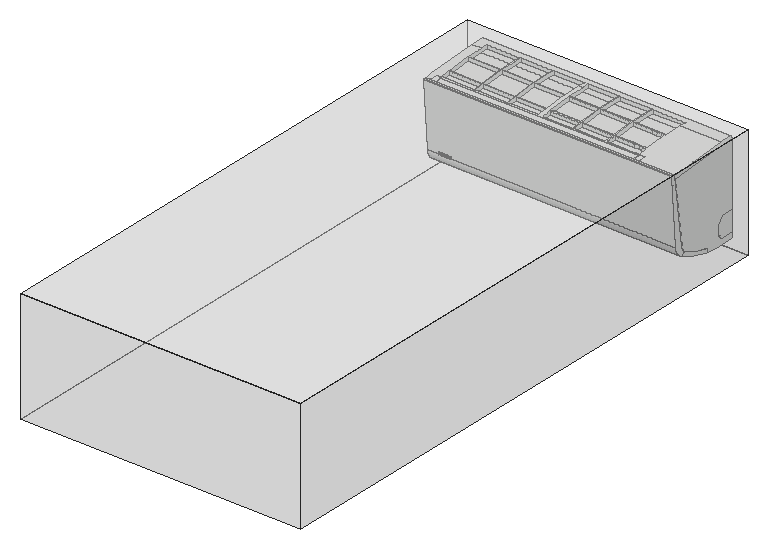
Revit family "outputfile", category 機械設備, Revit 2024
Family settings
  丸型コネクタ寸法 = 半径を使用
  パーツ タイプ = 標準
  OmniClass 番号 = 23.75.10.24.21.27.27
  OmniClass タイトル = Split System Air Conditioning Units
  作業面ベース = いいえ
  常に垂直 = はい
  ロード時にボイドで切り取り = いいえ
  注釈の向きを維持 = いいえ
  共有 = いいえ
  部屋計算ポイント = いいえ
Parameters (values of type "FTKF50AV14")
  Description = ""
  書き出し IFC クラス(タイプ) = "IfcUnitaryEquipmentType"
  定義済み IFC タイプ(タイプ) = "AIRCONDITIONINGUNIT"
  Cost = 0
  Type Comments = ""
  Keynote = ""
  Type Image = (empty or 0)
  Assembly Code = ""
  switch_frequency = yes
  lw_connection [instance] = if(Width = 730.0 mm, 85.0 mm, if(Width = 770.0 mm, 48.0 mm, 60.0 mm))  # 48.0 mm
  製造元 = "Daikin"
  モデル = "FTKF50AV14"
  r_Liquid Pipe Size = Liquid Pipe Size / 2  # 3.2 mm
  r_Gas Pipe Size = Gas Pipe Size / 2  # 6.35 mm
  r_Drain Pipe Size = Drain Pipe Size / 2  # 9.55 mm
  lw_powersupply [instance] = if(Width = 730.0 mm, if(or(Rear Right Connection_refrigerant, Bottom Right Connection_refrigerant), 65.0 mm, if(or(Rear Left Connection_refrigerant, Bottom Left Connection_refrigerant), 695.0 mm, 400.0 mm)), if(Width = 770.0 mm, if(or(Rear Right Connection_refrigerant, Bottom Right Connection_refrigerant), 68.0 mm, if(or(Rear Left Connection_refrigerant, Bottom Left Connection_refrigerant), 705.0 mm, 400.0 mm)), if(or(Rear Right Connection_refrigerant, Bottom Right Connection_refrigerant), 83.0 mm, if(or(Rear Left Connection_refrigerant, Bottom Left Connection_refrigerant), 928.0 mm, 400.0 mm))))  # 400.0 mm
  lw_liquidpipe [instance] = if(Width = 730.0 mm, if(or(Rear Right Connection_refrigerant, Bottom Right Connection_refrigerant), 0.0 mm, if(or(Rear Left Connection_refrigerant, Bottom Left Connection_refrigerant), 582.0 mm, 473.0 mm)), if(Width = 770.0 mm, if(or(Rear Right Connection_refrigerant, Bottom Right Connection_refrigerant), 0.0 mm, if(or(Rear Left Connection_refrigerant, Bottom Left Connection_refrigerant), 682.0 mm, 385.0 mm)), if(or(Rear Right Connection_refrigerant, Bottom Right Connection_refrigerant), 10.0 mm, if(or(Rear Left Connection_refrigerant, Bottom Left Connection_refrigerant), 858.0 mm, 435.0 mm))))  # 385.0 mm
  lw_gaspipe [instance] = if(Width = 730.0 mm, if(or(Rear Right Connection_refrigerant, Bottom Right Connection_refrigerant), 0.0 mm, if(or(Rear Left Connection_refrigerant, Bottom Left Connection_refrigerant), 576.0 mm, 428.0 mm)), if(Width = 770.0 mm, if(or(Rear Right Connection_refrigerant, Bottom Right Connection_refrigerant), 0.0 mm, if(or(Rear Left Connection_refrigerant, Bottom Left Connection_refrigerant), 675.0 mm, 335.0 mm)), if(or(Rear Right Connection_refrigerant, Bottom Right Connection_refrigerant), 0.0 mm, if(or(Rear Left Connection_refrigerant, Bottom Left Connection_refrigerant), 851.0 mm, 400.0 mm))))  # 335.0 mm
  lw_drainpipe [instance] = if(Width = 730.0 mm, if(or(Rear Right Connection_refrigerant, Bottom Right Connection_refrigerant), 0.0 mm, if(or(Rear Left Connection_refrigerant, Bottom Left Connection_refrigerant), 590.0 mm, 488.0 mm)), if(Width = 770.0 mm, if(or(Rear Right Connection_refrigerant, Bottom Right Connection_refrigerant), 0.0 mm, if(or(Rear Left Connection_refrigerant, Bottom Left Connection_refrigerant), 695.0 mm, 440.0 mm)), if(or(Rear Right Connection_refrigerant, Bottom Right Connection_refrigerant), 0.0 mm, if(or(Rear Left Connection_refrigerant, Bottom Left Connection_refrigerant), 888.0 mm, 475.0 mm))))  # 440.0 mm
  l_powersupply_length [instance] = if(Width = 730.0 mm, if(Right Connection_refrigerant, 400.0 mm, if(Left Connection_refrigerant, 330.0 mm, if(or(Bottom Left Connection_refrigerant, Bottom Right Connection_refrigerant), 57.0 mm, if(or(Rear Left Connection_refrigerant, Rear Right Connection_refrigerant), 15.0 mm, 50.0 mm)))), if(Width = 770.0 mm, if(Right Connection_refrigerant, 400.0 mm, if(Left Connection_refrigerant, 370.0 mm, if(or(Bottom Left Connection_refrigerant, Bottom Right Connection_refrigerant), 57.0 mm, if(or(Rear Left Connection_refrigerant, Rear Right Connection_refrigerant), 15.0 mm, 50.0 mm)))), if(Right Connection_refrigerant, 400.0 mm, if(Left Connection_refrigerant, 590.0 mm, if(or(Bottom Left Connection_refrigerant, Bottom Right Connection_refrigerant), 57.0 mm, if(or(Rear Left Connection_refrigerant, Rear Right Connection_refrigerant), 15.0 mm, 50.0 mm))))))  # 400.0 mm
  l_liquidpipe_length [instance] = if(Width = 730.0 mm, if(Right Connection_refrigerant, 558.0 mm, if(Left Connection_refrigerant, 172.0 mm, if(or(Bottom Left Connection_refrigerant, Bottom Right Connection_refrigerant), 48.0 mm, if(or(Rear Left Connection_refrigerant, Rear Right Connection_refrigerant), 30.0 mm, 40.0 mm)))), if(Width = 770.0 mm, if(Right Connection_refrigerant, 433.0 mm, if(Left Connection_refrigerant, 337.0 mm, if(or(Bottom Left Connection_refrigerant, Bottom Right Connection_refrigerant), 48.0 mm, if(or(Rear Left Connection_refrigerant, Rear Right Connection_refrigerant), 30.0 mm, 40.0 mm)))), if(Right Connection_refrigerant, 495.0 mm, if(Left Connection_refrigerant, 495.0 mm, if(or(Bottom Left Connection_refrigerant, Bottom Right Connection_refrigerant), 48.0 mm, if(or(Rear Left Connection_refrigerant, Rear Right Connection_refrigerant), 30.0 mm, 40.0 mm))))))  # 433.0 mm
  l_gaspipe_length [instance] = if(Width = 730.0 mm, if(Right Connection_refrigerant, 513.0 mm, if(Left Connection_refrigerant, 217.0 mm, if(or(Bottom Left Connection_refrigerant, Bottom Right Connection_refrigerant), 57.0 mm, if(or(Rear Left Connection_refrigerant, Rear Right Connection_refrigerant), 40.0 mm, 50.0 mm)))), if(Width = 770.0 mm, if(Right Connection_refrigerant, 383.0 mm, if(Left Connection_refrigerant, 387.0 mm, if(or(Bottom Left Connection_refrigerant, Bottom Right Connection_refrigerant), 57.0 mm, if(or(Rear Left Connection_refrigerant, Rear Right Connection_refrigerant), 40.0 mm, 50.0 mm)))), if(Right Connection_refrigerant, 460.0 mm, if(Left Connection_refrigerant, 530.0 mm, if(or(Bottom Left Connection_refrigerant, Bottom Right Connection_refrigerant), 57.0 mm, if(or(Rear Left Connection_refrigerant, Rear Right Connection_refrigerant), 40.0 mm, 50.0 mm))))))  # 383.0 mm
  l_drainpipe_length [instance] = if(Width = 730.0 mm, if(Right Connection_refrigerant, 573.0 mm, if(Left Connection_refrigerant, 157.0 mm, if(or(Bottom Left Connection_refrigerant, Bottom Right Connection_refrigerant), 35.0 mm, if(or(Rear Left Connection_refrigerant, Rear Right Connection_refrigerant), 15.0 mm, 20.0 mm)))), if(Width = 770.0 mm, if(Right Connection_refrigerant, 488.0 mm, if(Left Connection_refrigerant, 282.0 mm, if(or(Bottom Left Connection_refrigerant, Bottom Right Connection_refrigerant), 35.0 mm, if(or(Rear Left Connection_refrigerant, Rear Right Connection_refrigerant), 15.0 mm, 20.0 mm)))), if(Right Connection_refrigerant, 535.0 mm, if(Left Connection_refrigerant, 455.0 mm, if(or(Bottom Left Connection_refrigerant, Bottom Right Connection_refrigerant), 35.0 mm, if(or(Rear Left Connection_refrigerant, Rear Right Connection_refrigerant), 15.0 mm, 20.0 mm))))))  # 488.0 mm
  h*** = 0.0 mm  # constant formula
  connector_voltage = Voltage_50Hz  # 230 V
  connector_powerinput = [Power Input (Cooling)]  # 1.880 kW
  connector_phase = Phase_50Hz  # 1
  angle_vertical [instance] = if(or(Bottom Left Connection_refrigerant, Bottom Right Connection_refrigerant), 0.00°, 90.00°)  # 90.00°
  angle_horizontal [instance] = if(Right Connection_refrigerant, 90.00°, if(Left Connection_refrigerant, -90.00°, if(or(Rear Left Connection_refrigerant, Rear Right Connection_refrigerant), 180.00°, 0.00°)))  # 90.00°
  Width = 770.0 mm
  Voltage_comment_50Hz = "220 - 240"
  Voltage_50Hz = 230 V
  Version = "ver.1.0"
  Unit Type = "Wall Mounted"
  Unit Mass Weight = 9.50 kg
  Unit Designation [instance] = ""
  Uniclass2015Version = "Products v1.30"
  Uniclass2015Title = "Split coil room air conditioning units"
  Uniclass2015Code = "Pr_70_65_03_86"
  URL = ""
  Total Cooling Capacity [instance] = 0.000 kW
  Sound Pressure Level_M speed (dBA) = 39
  Sound Pressure Level_L speed (dBA) = 32
  Sound Pressure Level_H speed (dBA) = 42
  Sound Power Level_H speed (dB) = 0
  Series = "Single Split_Fan Coil Unit"
  Sensible Cooling Capacity [instance] = 0.000 kW
  Refrigerant Type = "R32"
  Power Input (Cooling) = 1.880 kW
  Phase_50Hz = 1
  Option Accessory 3 [instance] = ""
  Option Accessory 2 [instance] = ""
  Option Accessory 1 [instance] = ""
  Nominal Cooling Capacity = 5.280 kW
  Minimum Circuit Amps_50Hz = 11.5 A
  Minimum Airflow = 493.00 m³/h
  Median Airflow = 646.00 m³/h
  Maximum Fuse Amps_50Hz = 20.0 A
  Maximum Airflow = 731.00 m³/h
  Material_Casing = DAIKIN_White_Casing_indoorunit
  Load Classification = HVAC
  Liquid Pipe Size = 6.4 mm
  Link_Nested Family [instance] = ""
  IfcVersion = ""
  IfcExportType = "AIRCONDITIONINGUNIT"
  IfcExportAs = "IfcUnitaryEquipmentType"
  Height = 288.0 mm
  Heat Exchanger Type = "Cross Fin Coil"
  Gas Pipe Size = 12.7 mm
  Frequency_50Hz = 50 Hz
  Fan Type = "Cross Flow Fan"
  Fan Drive = "Direct Drive"
  FCU Tag No. [instance] = ""
  Drain Pipe Size = 19.1 mm
  Design Supply Airflow [instance] = 0.00 m³/h
  Depth = 234.0 mm
  既定の高さ = 0.0 mm
  Cooling Entering Wet Bulb Temperature [instance] = 0.00 °C
  Cooling Entering Dry Bulb Temperature [instance] = 0.00 °C
  Cooling Ambient Wet Bulb Temperature [instance] = 0.00 °C
  Cooling Ambient Dry Bulb Temperature [instance] = 0.00 °C
  Clearance visibility [instance] = yes
  Clearance Top = 30.0 mm
  Clearance Right = 50.0 mm
  Clearance Rear = 0.0 mm
  Clearance Left = 50.0 mm
  Clearance Front = 1500.0 mm
  Clearance Bottom = 30.0 mm
  Bottom Right Connection_refrigerant [instance] = no
  Bottom Left Connection_refrigerant [instance] = no
  Rear Right Connection_refrigerant [instance] = no
  Rear Left Connection_refrigerant [instance] = no
  Right Connection_refrigerant [instance] = yes
  Left Connection_refrigerant [instance] = no
Reference planes
  plane 1 "Back": y = 0
  plane 2: z = 0
  plane 3 "Center (Left/Right)": x = 0
  plane 4 "Center (Front/Back)": y = -117
  plane 5 "Front": y = -234
  plane 6 "Left": x = -385
  plane 7 "Right": x = 385
  plane 8 "Top": z = 0
  plane 9 "Bottom": z = -288
  plane 10 "Front panel_Left": x = -383
  plane 11 "Front panel_Right": x = 383
  plane 12: x = 249
  plane 13: x = 244
  plane 14: x = -435
  plane 15: x = 435
  plane 16: y = 0
  plane 17: y = -213
  plane 18: z = 30
  plane 19: z = -318
  plane 20 "lw_Piping and Wiring intake": x = 337
  plane 21 "lw_gaspipe": x = 2
  plane 22 "lw_liquidpipe": x = -48
  plane 23 "lw_drainpipe": x = -103
  plane 24 "lh_drainpipe": z = -253
  plane 25 "lh_liquidpipe": z = -240
  plane 26 "lh_gaspipe": z = -231
  plane 27 "ld_drainpipe": y = -15
  plane 28 "ld_liquidpipe": y = -30
  plane 29 "ld_gaspipe": y = -40
  plane 30 "lw_powersupply": x = -15
  plane 31: y = -1734
Dimensions and locks
  equal spacing: plane 6 "Left", plane 3 "Center (Left/Right)", plane 7 "Right"
  "Width": plane 6 "Left" to plane 7 "Right"
  equal spacing: plane 5 "Front", plane 4 "Center (Front/Back)", plane 1 "Back"
  "Depth": plane 5 "Front" to plane 1 "Back"
  "Height": plane 8 "Top" to plane 9 "Bottom"
  locked: plane 10 "Front panel_Left" to plane 6 "Left" at 2
  locked: plane 7 "Right" to plane 11 "Front panel_Right" at 2
  locked: plane 7 "Right" to plane 12 at 136
  locked: plane 12 to plane 13 at 5
  "Clearance Rear": plane 16 to plane 1 "Back"
  "Clearance Top": plane 18 to plane 8 "Top"
  "Clearance Bottom": plane 9 "Bottom" to plane 19
  "lw_connection": plane 20 "lw_Piping and Wiring intake" to plane 7 "Right"
  "lw_gaspipe": plane 21 "lw_gaspipe" to plane 20 "lw_Piping and Wiring intake"
  "lw_liquidpipe": plane 22 "lw_liquidpipe" to plane 20 "lw_Piping and Wiring intake"
  "lw_drainpipe": plane 23 "lw_drainpipe" to plane 20 "lw_Piping and Wiring intake"
  locked: plane 24 "lh_drainpipe" to plane 9 "Bottom" at 35
  locked: plane 25 "lh_liquidpipe" to plane 9 "Bottom" at 48
  locked: plane 26 "lh_gaspipe" to plane 9 "Bottom" at 57
  locked: plane 27 "ld_drainpipe" to plane 1 "Back" at 15
  locked: plane 1 "Back" to plane 28 "ld_liquidpipe" at 30
  locked: plane 1 "Back" to plane 29 "ld_gaspipe" at 40
  "lw_powersupply": plane 30 "lw_powersupply" to plane 7 "Right"
  "Clearance Left": plane 14 to plane 6 "Left"
  "Clearance Right": plane 7 "Right" to plane 15
  "Clearance Front": plane 5 "Front" to plane 31
  aligned and locked: level to plane 2
  aligned and locked: plane 16 to nested 1
  aligned and locked: nested 1 to plane 14
  aligned and locked: nested 1 to plane 15
  aligned and locked: plane 19 to nested 1
  aligned and locked: plane 18 to nested 1
  aligned and locked: plane 21 "lw_gaspipe" to nested 2
  aligned and locked: nested 2 to plane 29 "ld_gaspipe"
  aligned and locked: plane 22 "lw_liquidpipe" to nested 3
  aligned and locked: nested 3 to plane 28 "ld_liquidpipe"
  aligned and locked: plane 23 "lw_drainpipe" to nested 4
  aligned and locked: nested 4 to plane 27 "ld_drainpipe"
  aligned and locked: nested 5 to plane 27 "ld_drainpipe"
  aligned and locked: plane 30 "lw_powersupply" to nested 5
  aligned and locked: level to plane 8 "Top"
  aligned and locked: nested 1 to plane 31
Nested families
  nested 1: "daikin_clearancespace" at (0, -867, -143.881), show <- "Clearance visibility", visible <- "Clearance visibility", Link_Nested Family <- "Link_Nested Family", type "daikin_clearancespace"
    with width 870.0 mm, show yes, height 348.0 mm, depth 1734.0 mm, Link_Nested Family ""
  nested 2: "daikin_connector_rotate3" at (2, -40, -231), angle_vertical <- "angle_vertical", angle_horizontal <- "angle_horizontal", length <- "l_gaspipe_length", radius <- "r_Gas Pipe Size", type "daikin_connector_rotate3"
    with show no, radius 6.35 mm, length 383.0 mm, angle_vertical 90.00°, angle_horizontal 90.00°
  nested 3: "daikin_connector_rotate3" at (-48, -30, -240), angle_vertical <- "angle_vertical", angle_horizontal <- "angle_horizontal", radius <- "r_Liquid Pipe Size", length <- "l_liquidpipe_length", type "daikin_connector_rotate3"
    with show no, radius 3.2 mm, length 433.0 mm, angle_vertical 90.00°, angle_horizontal 90.00°
  nested 4: "daikin_connector_rotate3" at (-103, -15, -253), angle_vertical <- "angle_vertical", angle_horizontal <- "angle_horizontal", length <- "l_drainpipe_length", radius <- "r_Drain Pipe Size", type "daikin_connector_rotate3"
    with show no, radius 9.55 mm, length 488.0 mm, angle_vertical 90.00°, angle_horizontal 90.00°
  nested 5: "daikin_connector_rotate3" at (-15, -15, -231), angle_vertical <- "angle_vertical", angle_horizontal <- "angle_horizontal", length <- "l_powersupply_length", type "daikin_connector_rotate3"
    with show no, radius 10.0 mm, length 400.0 mm, angle_vertical 90.00°, angle_horizontal 90.00°
  nested 6: "DAIKIN_indoorunit_FTKF-AV14" at (-31, 0, 0), type "FTKF-AV14"
    with switch_unit1_35-50 yes, switch_unit1_25 no, Width 770.0 mm, WALL HOLE-R 48.0 mm, Height 288.0 mm
Connectors
  piping at (385, -40, -231), diameter 12.7, driven by "r_Gas Pipe Size"
    settings: on nested 2, index 1, connector inside diameter 609.6 mm, connector length 0.0 mm, flow factor 0, pipe flow 0.00 m³/h, pressure drop 0.0 Pa, fitting loss kfactor 0, connector angle 0.00°, fixture units 0, engagement length 0.0 mm, angle of deflection 0.00°, flow configuration 1, flow direction 2, fitting loss method 0, system type 29, joint type 0, gender type 0, connector reference index -1, connector utility 0, adjustable connector no, is connector primary yes, connector description "Refrigerant Gas Piping"
  piping at (385, -30, -240), diameter 6.4, driven by "r_Liquid Pipe Size"
    settings: on nested 3, index 2, connector inside diameter 609.6 mm, connector length 0.0 mm, flow factor 0, pipe flow 0.00 m³/h, pressure drop 0.0 Pa, fitting loss kfactor 0, connector angle 0.00°, fixture units 0, engagement length 0.0 mm, angle of deflection 0.00°, flow configuration 1, flow direction 1, fitting loss method 0, system type 29, joint type 0, gender type 0, connector reference index -1, connector utility 0, adjustable connector no, is connector primary no, connector description "Refrigerant Liquid Piping"
  piping at (385, -15, -253), diameter 19.1, driven by "r_Drain Pipe Size"
    settings: on nested 4, index 3, connector inside diameter 609.6 mm, connector length 0.0 mm, flow factor 0, pipe flow 0.00 m³/h, pressure drop 0.0 Pa, fitting loss kfactor 0, connector angle 0.00°, fixture units 0, engagement length 0.0 mm, angle of deflection 0.00°, flow configuration 1, flow direction 2, fitting loss method 4, system type 16, joint type 0, gender type 0, connector reference index -1, connector utility 0, adjustable connector no, is connector primary no, connector description "Condensate Drain Piping"
  electrical at (385, -15, -231), driven by "Load Classification", driven by "connector_powerinput", driven by "connector_phase", driven by "connector_voltage"
    settings: on nested 5, index 4, voltage 230 V, apparent load 1880 VA, apparent load phase1 0 VA, apparent load phase2 0 VA, apparent load phase3 0 VA, power factor 1, load classification "HVAC", number of poles 1, system type 30, power factor state 1, is connector primary yes, connector utility no, sub classification motor no, connector description "Power Supply"
Definition of nested family "daikin_clearancespace"
  Parameters (values of type "daikin_clearancespace")
    Description = "daikin_clearancespace"
    width [instance] = 1823.963 mm
    show [instance] = yes
    material = none
    height [instance] = 1359.762 mm
    depth [instance] = 880.0 mm
    Default Elevation = 0.0 mm
    Link_Nested Family [instance] = ""
  Reference planes
    plane 1 "Center (Front/Back)": y = 0
    plane 2 "Center (Elevation)": z = -0.119
    plane 3 "Center (Left/Right)": x = 0
    plane 4: y = 440
    plane 5: y = -440
    plane 6 "Right": x = 911.982
    plane 7 "Left": x = -911.982
    plane 8 "Top": z = 679.762
    plane 9 "Bottom": z = -680
  Forms (mm)
    Extrusion 1, solid, material <- "material", visible <- "show"
      sketch origin (0, 0, 0) x (1, 0, 0) y (0, 1, 0)
        loop
          line (-911.982, 440) -> (-911.982, -440) -> (911.982, -440) -> (911.982, 440) -> (-911.982, 440)
      from -680 to 679.762
  Lines and regions (mm)
    symbolic lines, visible <- "show"
      curve 1: line (911.982, 440, 0) -> (-911.982, 440, 0)
      curve 2: line (-911.982, 440, 0) -> (-911.982, -440, 0)
      curve 3: line (-911.982, -440, 0) -> (911.982, -440, 0)
      curve 4: line (911.982, -440, 0) -> (911.982, 440, 0)
      curve 5: line (911.982, 0, 679.762) -> (-911.982, 0, 679.762)
      curve 6: line (911.982, 0, -680) -> (911.982, 0, 679.762)
      curve 7: line (-911.982, 0, -680) -> (911.982, 0, -680)
      curve 8: line (-911.982, 0, 679.762) -> (-911.982, 0, -680)
      curve 9: line (0, 440, 679.762) -> (0, -440, 679.762)
      curve 10: line (0, -440, 679.762) -> (0, -440, -680)
      curve 11: line (0, 440, -680) -> (0, 440, 679.762)
      curve 12: line (0, -440, -680) -> (0, 440, -680)
  Dimensions and locks
    "width": plane 7 "Left" to plane 6 "Right"
    "depth": plane 4 to plane 5
    "height": plane 8 "Top" to plane 9 "Bottom"
    equal spacing: plane 7 "Left", plane 3 "Center (Left/Right)", plane 6 "Right"
    equal spacing: plane 4, plane 1 "Center (Front/Back)", plane 5
    equal spacing: plane 8 "Top", plane 2 "Center (Elevation)", plane 9 "Bottom"
    aligned and locked: level to plane 2 "Center (Elevation)"
    aligned and locked: Extrusion 1 sketch curve to plane 4
    aligned and locked: plane 7 "Left" to Extrusion 1 sketch curve
    aligned and locked: Extrusion 1 sketch curve to plane 5
    aligned and locked: Extrusion 1 sketch curve to plane 6 "Right"
    aligned and locked: plane 8 "Top" to Extrusion 1
    aligned and locked: curve 1 to Extrusion 1
    aligned and locked: curve 2 to Extrusion 1
    aligned and locked: curve 3 to Extrusion 1
    aligned and locked: curve 4 to Extrusion 1
    aligned and locked: curve 5 to Extrusion 1
    aligned and locked: curve 6 to Extrusion 1
    aligned and locked: curve 7 to Extrusion 1
    aligned and locked: curve 8 to Extrusion 1
    aligned and locked: curve 9 to Extrusion 1
    aligned and locked: curve 10 to Extrusion 1
    aligned and locked: curve 11 to Extrusion 1
    aligned and locked: curve 12 to Extrusion 1
    aligned and locked: Extrusion 1 to plane 9 "Bottom"
Definition of nested family "DAIKIN_indoorunit_FTKF-AV14"
  Parameters (values of type "FTKF-AV14")
    switch_unit1_60 = Width = 990.0 mm  # no
    switch_unit1_35-50 = Width = 770.0 mm  # no
    switch_unit1_25 = Width = 730.0 mm  # yes
    Width = 730.0 mm
    WALL HOLE-R = if(Width = 730.0 mm, 79.0 mm, 48.0 mm)  # 79.0 mm
    Material_Casing = none
    Height = if(Width = 730.0 mm, 280.0 mm, if(Width = 770.0 mm, 288.0 mm, 297.0 mm))  # 280.0 mm
    Default Elevation = 0.0 mm
  Reference planes
    plane 1 "Center (Front/Back)": y = 0
    plane 2 "reference_level": z = 0
    plane 3 "Center (Left/Right)": x = 31
    plane 4: x = -334
    plane 5: x = 396
    plane 6: z = -280
  Forms (mm)
    Extrusion 1, solid, material <- "Material_Casing", visible <- "switch_unit1_25"
      sketch origin (31, 0, 0) x (0, 1, 0) y (0, 0, 1)
        loop
          line (-109.519, -8) -> (-2.596, -8) -> (-8.198, 0) -> (-109.608, 0)
          arc (-109.608, 0) -> (-157.226, -5.2) -> (-202.599, -20.555) r 220.623
          line (-202.599, -20.555) -> (-202.447, -29.25)
          arc (-202.447, -29.25) -> (-157.182, -13.38) -> (-109.519, -8) r 213.82
      from -365 to 365
    Extrusion 2, solid, material <- "Material_Casing", visible <- "switch_unit1_25"
      sketch origin (416, 1304.033, 1200.206) x (0, 1, 0) y (0, 0, 1)
        loop
          arc (-1496.513, -1423.164) -> (-1487.225, -1434.204) -> (-1476.373, -1443.711) r 95
          arc (-1476.373, -1443.711) -> (-1448.371, -1461.92) -> (-1418.191, -1476.232) r 250
          line (-1418.191, -1476.232) -> (-1418.191, -1465.318)
          arc (-1418.191, -1465.318) -> (-1445.052, -1452.134) -> (-1470.063, -1435.711) r 240
          arc (-1470.063, -1435.711) -> (-1477.766, -1429.186) -> (-1484.641, -1421.794) r 85
          line (-1484.641, -1421.794) -> (-1496.513, -1423.164)
      from -20 to -177
    Extrusion 3, solid, material <- "Material_Casing", visible <- "switch_unit1_25"
      sketch origin (31, 0, 0) x (0, 1, 0) y (0, 0, 1)
        loop
          line (-202.769, -10.816) -> (-211.618, -13.692)
          arc (-211.618, -13.692) -> (-212.628, -14.432) -> (-213, -15.629) r 2
          line (-213, -15.629) -> (-210.348, -167.5)
          arc (-210.348, -167.5) -> (-206.029, -195.818) -> (-193.465, -221.562) r 95
          line (-193.465, -221.562) -> (-181.653, -220.199)
          arc (-181.653, -220.199) -> (-195.31, -195.356) -> (-200.037, -167.403) r 85
          line (-200.037, -167.403) -> (-202.769, -10.816)
      from -365 to 365
    Extrusion 4, solid, material <- "Material_Casing", visible <- "switch_unit1_25"
      sketch origin (31, 0, 0) x (0, 1, 0) y (0, 0, 1)
        loop
          line (0, -280) -> (0, -11.707) -> (-2.596, -8) -> (-109.519, -8)
          arc (-109.519, -8) -> (-156.378, -13.198) -> (-200.959, -28.539) r 213.82
          line (-200.959, -28.539) -> (-198.537, -167.295)
          arc (-198.537, -167.295) -> (-189.766, -204.754) -> (-165.131, -234.305) r 83.5
          arc (-165.131, -234.305) -> (-139.841, -250.873) -> (-112.659, -264.109) r 238.5
          line (-112.659, -264.109) -> (-112.659, -276.338)
          arc (-112.659, -276.338) -> (-100.834, -279.079) -> (-88.731, -280) r 80
          line (-88.731, -280) -> (0, -280)
      from -365 to 365
    Extrusion 5, solid, material <- "Material_Casing", visible <- "switch_unit1_25"
      sketch origin (-354, 1304.033, 1200.206) x (0, 1, 0) y (0, 0, 1)
        loop
          arc (-1496.513, -1423.164) -> (-1487.225, -1434.204) -> (-1476.373, -1443.711) r 95
          arc (-1476.373, -1443.711) -> (-1448.371, -1461.92) -> (-1418.191, -1476.232) r 250
          line (-1418.191, -1476.232) -> (-1418.191, -1465.318)
          arc (-1418.191, -1465.318) -> (-1445.052, -1452.134) -> (-1470.063, -1435.711) r 240
          arc (-1470.063, -1435.711) -> (-1477.766, -1429.186) -> (-1484.641, -1421.794) r 85
          line (-1484.641, -1421.794) -> (-1496.513, -1423.164)
      from 72 to 20
    Extrusion 6, solid, material <- "Material_Casing", visible <- "switch_unit1_25"
      sketch origin (31, 7.782, 0.206) x (0, 1, 0) y (0, 0, 1)
        loop
          line (-188.39, -221.794) -> (-200.262, -223.164)
          arc (-200.262, -223.164) -> (-190.975, -234.204) -> (-180.122, -243.711) r 95
          arc (-180.122, -243.711) -> (-152.12, -261.92) -> (-121.941, -276.232) r 250
          line (-121.941, -276.232) -> (-121.941, -265.318)
          arc (-121.941, -265.318) -> (-148.801, -252.134) -> (-173.813, -235.711) r 240
          arc (-173.813, -235.711) -> (-181.515, -229.186) -> (-188.39, -221.794) r 85
      from 204 to -309
    Extrusion 7, void
      sketch origin (31, 0, -235) x (1, 0, 0) y (0, 1, 0)
        loop
          line (-324.633, -72.419) -> (-304, -73.5) -> (-234.9, -73.5) -> (-234.9, -24.5) -> (-324.633, -24.5) -> (-324.633, -72.419)
        loop
          line (-304, -74.9) -> (-324.633, -75.939) -> (-324.633, -139.819) -> (-304, -140.9) -> (-234.9, -140.9) -> (-234.9, -74.9) -> (-304, -74.9)
        loop
          line (-304, -142.3) -> (-324.633, -143.326) -> (-324.633, -182.209) -> (-300, -183.5) -> (-234.9, -183.5) -> (-234.9, -142.3) -> (-304, -142.3)
        loop
          line (-233.5, -142.3) -> (-233.5, -183.5) -> (-146.9, -183.5) -> (-146.9, -142.3) -> (-233.5, -142.3)
        loop
          line (-233.5, -140.9) -> (-146.9, -140.9) -> (-146.9, -74.9) -> (-233.5, -74.9) -> (-233.5, -140.9)
        loop
          line (-233.5, -73.5) -> (-146.9, -73.5) -> (-146.9, -24.5) -> (-233.5, -24.5) -> (-233.5, -73.5)
        loop
          line (-145.5, -73.5) -> (-74.9, -73.5) -> (-54.9, -72.452) -> (-54.9, -24.5) -> (-145.5, -24.5) -> (-145.5, -73.5)
        loop
          line (-145.5, -74.9) -> (-145.5, -140.9) -> (-74.9, -140.9) -> (-54.9, -139.852) -> (-54.9, -75.948) -> (-74.9, -74.9) -> (-145.5, -74.9)
        loop
          line (-145.5, -142.3) -> (-145.5, -183.5) -> (-74.9, -183.5) -> (-54.9, -182.452) -> (-54.9, -143.348) -> (-74.9, -142.3) -> (-145.5, -142.3)
        loop
          line (-53.5, -24.5) -> (-53.5, -72.452) -> (-33.5, -73.5) -> (36.5, -73.5) -> (36.5, -24.5) -> (-53.5, -24.5)
        loop
          line (-53.5, -75.948) -> (-53.5, -139.852) -> (-33.5, -140.9) -> (36.5, -140.9) -> (36.5, -74.9) -> (-33.5, -74.9) -> (-53.5, -75.948)
        loop
          line (-33.5, -142.3) -> (-53.5, -143.348) -> (-53.5, -182.452) -> (-33.5, -183.5) -> (36.5, -183.5) -> (36.5, -142.3) -> (-33.5, -142.3)
        loop
          line (37.9, -24.5) -> (37.9, -73.5) -> (124.9, -73.5) -> (124.9, -24.5) -> (37.9, -24.5)
        loop
          line (37.9, -74.9) -> (37.9, -140.9) -> (124.9, -140.9) -> (124.9, -74.9) -> (37.9, -74.9)
        loop
          line (37.9, -142.3) -> (37.9, -183.5) -> (124.9, -183.5) -> (124.9, -142.3) -> (37.9, -142.3)
        loop
          line (126.3, -24.5) -> (126.3, -73.5) -> (195.6, -73.5) -> (216, -72.431) -> (216, -24.5) -> (126.3, -24.5)
        loop
          line (126.3, -74.9) -> (126.3, -140.9) -> (198.5, -140.9) -> (216, -139.983) -> (216, -75.817) -> (198.5, -74.9) -> (126.3, -74.9)
        loop
          line (126.3, -142.3) -> (126.3, -183.5) -> (198.337, -183.5) -> (216, -182.623) -> (216, -143.217) -> (198.5, -142.3) -> (126.3, -142.3)
      from 201.638 to 250
    Extrusion 8, solid, material <- "Material_Casing"
      sketch origin (31, 0, 0) x (1, 0, 0) y (0, 0, 1)
        loop
          circle (286, -235) r 40
        loop
          circle (-317, -235) r 40
      from 0 to 5
    Extrusion 9, solid, material <- "Material_Casing", visible <- "switch_unit1_25"
      sketch origin (396, 1296.25, 1200) x (0, -1, 0) y (0, 0, 1)
        loop
          line (1326.25, -1413) -> (1296.25, -1413) -> (1296.25, -1473) -> (1326.25, -1473)
          arc (1326.25, -1473) -> (1340.393, -1467.142) -> (1346.25, -1453) r 20
          line (1346.25, -1453) -> (1346.25, -1433)
          arc (1346.25, -1433) -> (1340.393, -1418.858) -> (1326.25, -1413) r 20
      from 0 to 5
    Extrusion 10, solid, material <- "Material_Casing", visible <- "switch_unit1_25"
      sketch origin (-334, 1296.25, 1200) x (0, 1, 0) y (0, 0, 1)
        loop
          line (-1296.25, -1413) -> (-1326.25, -1413)
          arc (-1326.25, -1413) -> (-1340.393, -1418.858) -> (-1346.25, -1433) r 20
          line (-1346.25, -1433) -> (-1346.25, -1453)
          arc (-1346.25, -1453) -> (-1340.393, -1467.142) -> (-1326.25, -1473) r 20
          line (-1326.25, -1473) -> (-1296.25, -1473) -> (-1296.25, -1413)
      from 0 to 5
    Extrusion 11, solid, material <- "Material_Casing", visible <- "switch_unit1_25"
      sketch origin (11, 0, -285) x (-1, 0, 0) y (0, -1, 0)
        loop
          line (-279, 0) -> (-279, 30)
          arc (-279, 30) -> (-284.419, 43.081) -> (-297.5, 48.5) r 18.5
          line (-297.5, 48.5) -> (-320.5, 48.5)
          arc (-320.5, 48.5) -> (-333.581, 43.081) -> (-339, 30) r 18.5
          line (-339, 30) -> (-339, 0) -> (-279, 0)
        loop
          line (326, 0) -> (326, 30)
          arc (326, 30) -> (320.581, 43.081) -> (307.5, 48.5) r 18.5
          line (307.5, 48.5) -> (284.5, 48.5)
          arc (284.5, 48.5) -> (271.419, 43.081) -> (266, 30) r 18.5
          line (266, 30) -> (266, 0) -> (326, 0)
      from 10 to 5
    Extrusion 12, solid, material <- "Material_Casing", visible <- "switch_unit1_35-50"
      sketch origin (31, 0, 0) x (0, 1, 0) y (0, 0, 1)
        loop
          line (-5, 0) -> (-45.84, 0)
          arc (-45.84, 0) -> (-135.906, -3.965) -> (-225.275, -15.831) r 1024.823
          arc (-225.275, -15.831) -> (-224.639, -21.302) -> (-223.878, -26.758) r 241.564
          arc (-223.878, -26.758) -> (-135.207, -14.947) -> (-45.84, -11) r 1013.66
          line (-45.84, -11) -> (0, -11) -> (0, -9.02) -> (-5, 0)
      from -385 to 385
    Extrusion 13, solid, material <- "Material_Casing", visible <- "switch_unit1_35-50"
      sketch origin (31, 0, 0) x (0, 1, 0) y (0, 0, 1)
        loop
          arc (-226.673, -12.416) -> (-229.519, -12.929) -> (-232.363, -13.449) r 1025.776
          arc (-232.363, -13.449) -> (-233.586, -14.198) -> (-233.994, -15.573) r 2
          line (-233.994, -15.573) -> (-218.08, -217.408)
          arc (-218.08, -217.408) -> (-211.296, -237.286) -> (-195.807, -251.472) r 42.415
          line (-195.807, -251.472) -> (-186.556, -243.946)
          arc (-186.556, -243.946) -> (-193.981, -235.221) -> (-197.648, -224.366) r 30.386
          line (-197.648, -224.366) -> (-226.673, -12.416)
      from -385 to 385
    Extrusion 14, void
      sketch origin (33, 0, 0) x (1, 0, 0) y (0, 1, 0)
        loop
          line (-357.499, -23.5) -> (-357.499, -96.7) -> (-255.999, -96.7) -> (-255.999, -23.5) -> (-357.499, -23.5)
        loop
          line (-255.999, -99.1) -> (-357.499, -99.1) -> (-357.499, -170.1) -> (-255.999, -170.1) -> (-255.999, -99.1)
        loop
          line (-255.999, -171.7) -> (-357.499, -171.7) -> (-357.499, -201.7) -> (-255.999, -201.7) -> (-255.999, -171.7)
        loop
          line (-253.399, -23.5) -> (-253.399, -96.7) -> (-153.899, -96.7) -> (-153.899, -23.5) -> (-253.399, -23.5)
        loop
          line (-253.399, -99.1) -> (-253.399, -170.1) -> (-153.899, -170.1) -> (-153.899, -99.1) -> (-253.399, -99.1)
        loop
          line (-153.899, -171.7) -> (-253.399, -171.7) -> (-253.399, -201.7) -> (-153.899, -201.7) -> (-153.899, -171.7)
        loop
          line (-56.549, -23.5) -> (-151.299, -23.5) -> (-151.299, -96.7) -> (-56.549, -96.7) -> (-56.549, -23.5)
        loop
          line (-151.299, -99.1) -> (-151.299, -170.1) -> (-56.549, -170.1) -> (-56.549, -99.1) -> (-151.299, -99.1)
        loop
          line (-56.549, -171.7) -> (-151.299, -171.7) -> (-151.299, -201.7) -> (-56.549, -201.7) -> (-56.549, -171.7)
        loop
          line (50.301, -23.5) -> (-44.549, -23.5) -> (-44.549, -96.7) -> (50.301, -96.7) -> (50.301, -23.5)
        loop
          line (-44.549, -99.1) -> (-44.549, -170.1) -> (50.301, -170.1) -> (50.301, -99.1) -> (-44.549, -99.1)
        loop
          line (50.301, -171.7) -> (-44.549, -171.7) -> (-44.549, -201.7) -> (50.301, -201.7) -> (50.301, -171.7)
        loop
          line (52.901, -23.5) -> (52.901, -96.7) -> (152.401, -96.7) -> (152.401, -23.5) -> (52.901, -23.5)
        loop
          line (52.901, -99.1) -> (52.901, -170.1) -> (152.401, -170.1) -> (152.401, -99.1) -> (52.901, -99.1)
        loop
          line (52.901, -171.7) -> (52.901, -201.7) -> (152.401, -201.7) -> (152.401, -171.7) -> (52.901, -171.7)
        loop
          line (155.001, -23.5) -> (155.001, -96.7) -> (256.501, -96.7) -> (256.501, -23.5) -> (155.001, -23.5)
        loop
          line (155.001, -99.1) -> (155.001, -170.1) -> (217.501, -170.1) -> (229.501, -170.1) -> (241.501, -170.1) -> (256.501, -170.1) -> (256.501, -152.1) -> (256.501, -134.1) -> (256.501, -116.1) -> (256.501, -99.1) -> (241.501, -99.1) -> (229.501, -99.1) -> (217.501, -99.1) -> (155.001, -99.1)
        loop
          line (155.001, -171.7) -> (155.001, -201.7) -> (217.501, -201.7) -> (229.501, -201.7) -> (241.501, -201.7) -> (256.501, -201.7) -> (256.501, -171.7) -> (241.501, -171.7) -> (229.501, -171.7) -> (217.501, -171.7) -> (155.001, -171.7)
      from -40.013 to 47.268
    Extrusion 15, solid, material <- "Material_Casing", visible <- "switch_unit1_35-50"
      sketch origin (-356, 1308.25, 1200) x (0, 1, 0) y (0, 0, -1)
        loop
          line (-1407.524, 1473.254) -> (-1407.524, 1484.154)
          arc (-1407.524, 1484.154) -> (-1456.679, 1472.122) -> (-1503.106, 1451.987) r 299.52
          line (-1503.106, 1451.987) -> (-1494.032, 1444.604)
          arc (-1494.032, 1444.604) -> (-1451.915, 1462.363) -> (-1407.524, 1473.254) r 288.723
      from -2 to -49.5
    Extrusion 16, solid, material <- "Material_Casing", visible <- "switch_unit1_35-50"
      sketch origin (418, 1308.25, 1200) x (0, 1, 0) y (0, 0, 1)
        loop
          arc (-1407.524, -1473.254) -> (-1451.915, -1462.363) -> (-1494.032, -1444.604) r 288.723
          line (-1494.032, -1444.604) -> (-1503.106, -1451.987)
          arc (-1503.106, -1451.987) -> (-1456.679, -1472.122) -> (-1407.524, -1484.154) r 299.52
          line (-1407.524, -1484.154) -> (-1407.524, -1473.254)
      from -2 to -119.5
    Extrusion 17, solid, material <- "Material_Casing", visible <- "switch_unit1_35-50"
      sketch origin (418, 1308.25, 1200) x (0, 1, 0) y (0, 0, 1)
        loop
          line (-1407.524, -1484.154) -> (-1407.524, -1473.254)
          arc (-1407.524, -1473.254) -> (-1451.915, -1462.363) -> (-1494.032, -1444.604) r 288.723
          line (-1494.032, -1444.604) -> (-1503.106, -1451.987)
          arc (-1503.106, -1451.987) -> (-1456.679, -1472.122) -> (-1407.524, -1484.154) r 299.52
      from -119.5 to -724.5
    Extrusion 18, solid, material <- "Material_Casing", visible <- "switch_unit1_35-50"
      sketch origin (31, 0, -30) x (0, 1, 0) y (0, 0, 1)
        loop
          arc (-45.84, 19) -> (-135.218, 15.052) -> (-223.901, 3.238) r 1013.66
          line (-223.901, 3.238) -> (-196.855, -194.257)
          arc (-196.855, -194.257) -> (-192.985, -205.344) -> (-185.107, -214.052) r 29.589
          arc (-185.107, -214.052) -> (-142.926, -231.76) -> (-98.473, -242.568) r 288.081
          line (-98.473, -242.568) -> (-98.525, -254.271)
          arc (-98.525, -254.271) -> (-75.337, -257.066) -> (-52, -258) r 292.099
          line (-52, -258) -> (0, -258) -> (0, 19) -> (-45.84, 19)
      from -385 to 385
    Extrusion 19, solid, material <- "Material_Casing", visible <- "switch_unit1_35-50"
      sketch origin (416, 1296.25, 1200) x (0, -1, 0) y (0, 0, 1)
        loop
          line (1329.05, -1409.6) -> (1296.25, -1409.6) -> (1296.25, -1469.6) -> (1329.05, -1469.6)
          arc (1329.05, -1469.6) -> (1342.627, -1463.976) -> (1348.25, -1450.4) r 19.2
          line (1348.25, -1450.4) -> (1348.25, -1428.8)
          arc (1348.25, -1428.8) -> (1342.627, -1415.224) -> (1329.05, -1409.6) r 19.2
      from 0 to 5
    Extrusion 20, solid, material <- "Material_Casing", visible <- "switch_unit1_35-50"
      sketch origin (-349, 1296.25, 1200) x (0, -1, 0) y (0, 0, 1)
        loop
          line (1329.05, -1409.6) -> (1296.25, -1409.6) -> (1296.25, -1469.6) -> (1329.05, -1469.6)
          arc (1329.05, -1469.6) -> (1342.627, -1463.976) -> (1348.25, -1450.4) r 19.2
          line (1348.25, -1450.4) -> (1348.25, -1428.8)
          arc (1348.25, -1428.8) -> (1342.627, -1415.224) -> (1329.05, -1409.6) r 19.2
      from 0 to 5
    Extrusion 21, solid, material <- "Material_Casing", visible <- "switch_unit1_35-50"
      sketch origin (31, 200, -288) x (-1, 0, 0) y (0, -1, 0)
        loop
          line (369, 200) -> (369, 232)
          arc (369, 232) -> (363.142, 246.142) -> (349, 252) r 20
          line (349, 252) -> (329, 252)
          arc (329, 252) -> (314.858, 246.142) -> (309, 232) r 20
          line (309, 232) -> (309, 200) -> (369, 200)
        loop
          line (-369, 200) -> (-309, 200) -> (-309, 232)
          arc (-309, 232) -> (-314.858, 246.142) -> (-329, 252) r 20
          line (-329, 252) -> (-349, 252)
          arc (-349, 252) -> (-363.142, 246.142) -> (-369, 232) r 20
          line (-369, 232) -> (-369, 200)
      from 0 to 5
    Extrusion 22, void
      sketch origin (0, 0, 0) x (1, 0, 0) y (0, 1, 0)
        loop
          line (-308, -185.757) -> (-308, -202.769) -> (262, -202.769) -> (262, -185.757) -> (-308, -185.757)
      from -35 to 0
    Extrusion 23, solid, material <- "Material_Casing", visible <- "switch_unit1_25"
      sketch origin (0, 0, 0) x (1, 0, 0) y (0, 1, 0)
        loop
          line (-308, -185.757) -> (-308, -202.757) -> (-293, -202.757) -> (-293, -185.757) -> (-308, -185.757)
        loop
          line (262, -185.757) -> (247, -185.757) -> (247, -202.757) -> (262, -202.757) -> (262, -185.757)
      from -35 to 0
    Extrusion 24, solid, material <- "Material_Casing", visible <- "switch_unit1_25"
      sketch origin (0, 0, 0) x (1, 0, 0) y (0, 1, 0)
        loop
          line (-293, -190.757) -> (-293, -202.757) -> (247, -202.757) -> (247, -190.757) -> (203.171, -190.757) -> (203.171, -194.257)
          arc (203.171, -194.257) -> (202.732, -195.318) -> (201.671, -195.757) r 1.5
          line (201.671, -195.757) -> (180.129, -195.757)
          arc (180.129, -195.757) -> (179.068, -195.318) -> (178.629, -194.257) r 1.5
          line (178.629, -194.257) -> (178.629, -190.757) -> (46.421, -190.757) -> (46.421, -194.257)
          arc (46.421, -194.257) -> (45.982, -195.318) -> (44.921, -195.757) r 1.5
          line (44.921, -195.757) -> (23.379, -195.757)
          arc (23.379, -195.757) -> (22.318, -195.318) -> (21.879, -194.257) r 1.5
          line (21.879, -194.257) -> (21.879, -190.757) -> (-68.079, -190.757) -> (-68.079, -194.257)
          arc (-68.079, -194.257) -> (-68.518, -195.318) -> (-69.579, -195.757) r 1.5
          line (-69.579, -195.757) -> (-91.121, -195.757)
          arc (-91.121, -195.757) -> (-92.182, -195.318) -> (-92.621, -194.257) r 1.5
          line (-92.621, -194.257) -> (-92.621, -190.757) -> (-224.829, -190.757) -> (-224.829, -194.257)
          arc (-224.829, -194.257) -> (-225.268, -195.318) -> (-226.329, -195.757) r 1.5
          line (-226.329, -195.757) -> (-247.871, -195.757)
          arc (-247.871, -195.757) -> (-248.932, -195.318) -> (-249.371, -194.257) r 1.5
          line (-249.371, -194.257) -> (-249.371, -190.757) -> (-293, -190.757)
      from -35 to 0
    Extrusion 25, void
      sketch origin (31, 0, 0) x (0, 1, 0) y (0, 0, 1)
        loop
          line (-185.757, -13.903) -> (-185.757, 0) -> (-205.202, 0) -> (-205.202, -21.715)
          arc (-205.202, -21.715) -> (-195.563, -17.601) -> (-185.757, -13.903) r 245
        loop
          line (-205.202, -30.526) -> (-205.202, -35) -> (-185.757, -35) -> (-185.757, -22.404)
          arc (-185.757, -22.404) -> (-195.57, -26.249) -> (-205.202, -30.526) r 237
      from 231 to -339
    Extrusion 26, void
      sketch origin (0, 0, 0) x (1, 0, 0) y (0, 1, 0)
        loop
          line (-341.401, -199.9) -> (-342.412, -238.673) -> (306.373, -238.673)
          spline (306.373, -238.673) -> (306.288, -235.451) -> (306.202, -232.228) -> (306.116, -229.002) -> (306.031, -225.775) -> (305.945, -222.546) -> (305.859, -219.316) -> (305.774, -216.084) -> (305.688, -212.85) -> (305.602, -209.615) -> (305.517, -206.378) -> (305.431, -203.14) -> (305.345, -199.9)
          line (305.345, -199.9) -> (290.148, -199.9) -> (290.015, -203.69) -> (-326.04, -203.69) -> (-326.173, -199.9) -> (-341.401, -199.9)
      from 0 to -34.101
    Extrusion 27, solid, material <- "Material_Casing", visible <- "switch_unit1_35-50"
      sketch origin (0, 0, 0) x (1, 0, 0) y (0, 1, 0)
        loop
          line (-324.05, -226.673) -> (-324.05, -203.69) -> (-326.04, -203.69) -> (-326.173, -199.9) -> (-341.401, -199.9) -> (-342.099, -226.673) -> (-324.05, -226.673)
        loop
          line (305.344, -199.9) -> (290.148, -199.9) -> (290.015, -203.69) -> (288.001, -203.69) -> (288.001, -226.673) -> (306.055, -226.673) -> (305.344, -199.9)
      from 0 to -30
    Extrusion 28, solid, material <- "Material_Casing", visible <- "switch_unit1_35-50"
      sketch origin (0, 0, 0) x (1, 0, 0) y (0, 1, 0)
        loop
          line (288.001, -203.69) -> (-324.05, -203.69) -> (-324.05, -226.673) -> (288.001, -226.673) -> (288.001, -203.69)
      from 0 to -30
    Extrusion 29, void
      sketch origin (31, 0, 0) x (0, 1, 0) y (0, 0, 1)
        loop
          arc (-223.878, -26.758) -> (-224.639, -21.302) -> (-225.275, -15.831) r 241.564
          arc (-225.275, -15.831) -> (-212.6, -13.659) -> (-199.9, -11.646) r 1024.823
          line (-199.9, -11.646) -> (-199.9, 0) -> (-238.673, 0) -> (-238.673, -30) -> (-199.9, -30) -> (-199.9, -22.776)
          arc (-199.9, -22.776) -> (-211.901, -24.695) -> (-223.878, -26.758) r 1013.66
      from -385 to 385
    Extrusion 30, void
      sketch origin (31, 12, 0) x (0, 1, 0) y (0, 0, 1)
        loop
          arc (-201.887, -254.601) -> (-173.585, -267.35) -> (-144.115, -277.1) r 299.52
          line (-144.115, -277.1) -> (-122.392, -277.1)
          arc (-122.392, -277.1) -> (-157.174, -267.937) -> (-190.58, -254.601) r 294.52
          line (-190.58, -254.601) -> (-201.887, -254.601)
      from 303 to 335
    Extrusion 31, solid, material <- "Material_Casing", visible <- "switch_unit1_35-50"
      sketch origin (31, 12, 0) x (0, 1, 0) y (0, 0, 1)
        loop
          arc (-201.887, -254.601) -> (-173.585, -267.35) -> (-144.115, -277.1) r 299.52
          line (-144.115, -277.1) -> (-122.392, -277.1)
          arc (-122.392, -277.1) -> (-157.174, -267.937) -> (-190.58, -254.601) r 294.52
          line (-190.58, -254.601) -> (-201.887, -254.601)
      from 303 to 335
    Extrusion 32, void
      sketch origin (31, 12, 0) x (0, 1, 0) y (0, 0, 1)
        loop
          arc (-197.929, -256.6) -> (-189.925, -260.422) -> (-181.811, -264.005) r 299.52
          line (-181.811, -264.005) -> (-173.896, -264.005)
          arc (-173.896, -264.005) -> (-182.522, -260.437) -> (-191.03, -256.6) r 296.52
          line (-191.03, -256.6) -> (-197.929, -256.6)
      from 308.25 to 329.75
    Extrusion 33, solid, material <- "Material_Casing", visible <- "switch_unit1_35-50"
      sketch origin (31, 12, 0) x (0, 1, 0) y (0, 0, 1)
        loop
          line (-191.03, -256.6) -> (-197.929, -256.6)
          arc (-197.929, -256.6) -> (-189.925, -260.422) -> (-181.811, -264.005) r 299.52
          line (-181.811, -264.005) -> (-173.896, -264.005)
          arc (-173.896, -264.005) -> (-182.522, -260.437) -> (-191.03, -256.6) r 296.52
      from 308.25 to 329.75
    Extrusion 34, solid, material <- "Material_Casing", visible <- "switch_unit1_60"
      sketch origin (31, 0, 0) x (0, 1, 0) y (0, 0, 1)
        loop
          line (0, -9.411) -> (-5.217, 0) -> (-81.299, 0)
          arc (-81.299, 0) -> (-172.954, -4.661) -> (-263.664, -18.596) r 903.475
          line (-263.664, -18.596) -> (-262.227, -29.099)
          arc (-262.227, -29.099) -> (-172.204, -15.282) -> (-81.24, -10.748) r 889.035
          spline (-81.24, -10.748) -> (-74.468, -10.758) -> (-67.697, -10.768) -> (-60.927, -10.777) -> (-54.156, -10.787) -> (-47.386, -10.797) -> (-40.616, -10.807) -> (-33.846, -10.817) -> (-27.076, -10.827) -> (-20.307, -10.837) -> (-13.538, -10.846) -> (-6.769, -10.856) -> (0, -10.866)
          line (0, -10.866) -> (0, -9.411)
      from -495 to 495
    Extrusion 35, solid, material <- "Material_Casing", visible <- "switch_unit1_60"
      sketch origin (31, 0, 0) x (0, 1, 0) y (0, 0, 1)
        loop
          arc (-61.32, -11) -> (-162.288, -14.333) -> (-262.227, -29.099) r 889.035
          line (-262.227, -29.099) -> (-235.753, -222.656)
          arc (-235.753, -222.656) -> (-231.042, -237.333) -> (-221.593, -249.512) r 44.358
          arc (-221.593, -249.512) -> (-169.646, -270.267) -> (-114.65, -280.495) r 285.5
          line (-114.65, -280.495) -> (-114.65, -294.996)
          arc (-114.65, -294.996) -> (-88.244, -296.499) -> (-61.8, -297) r 697.94
          line (-61.8, -297) -> (0, -297) -> (0, -11) -> (-61.32, -11)
      from -495 to 495
    Extrusion 36, solid, material <- "Material_Casing", visible <- "switch_unit1_60"
      sketch origin (31, 0.704, 0) x (0, 1, 0) y (0, 0, 1)
        loop
          arc (-234.553, -259.361) -> (-177.189, -283.256) -> (-116.154, -294.93) r 302.598
          line (-116.154, -294.93) -> (-116.154, -281.229)
          arc (-116.154, -281.229) -> (-130.021, -279.659) -> (-143.795, -277.416) r 286.286
          arc (-143.795, -277.416) -> (-184.393, -266.65) -> (-222.978, -250.06) r 286.299
          line (-222.978, -250.06) -> (-234.553, -259.361)
      from -495 to -449
    Extrusion 37, solid, material <- "Material_Casing", visible <- "switch_unit1_60"
      sketch origin (86, 0.704, 0) x (0, 1, 0) y (0, 0, 1)
        loop
          arc (-234.553, -259.361) -> (-177.189, -283.256) -> (-116.154, -294.93) r 302.598
          line (-116.154, -294.93) -> (-116.154, -281.229)
          arc (-116.154, -281.229) -> (-130.021, -279.659) -> (-143.795, -277.416) r 286.286
          arc (-143.795, -277.416) -> (-184.393, -266.65) -> (-222.978, -250.06) r 286.299
          line (-222.978, -250.06) -> (-234.553, -259.361)
      from -498 to 288
    Extrusion 38, solid, material <- "Material_Casing", visible <- "switch_unit1_60"
      sketch origin (237.5, 0.704, 0) x (0, 1, 0) y (0, 0, 1)
        loop
          arc (-234.553, -259.361) -> (-177.189, -283.256) -> (-116.154, -294.93) r 302.598
          line (-116.154, -294.93) -> (-116.154, -281.229)
          arc (-116.154, -281.229) -> (-130.021, -279.659) -> (-143.795, -277.416) r 286.286
          arc (-143.795, -277.416) -> (-184.393, -266.65) -> (-222.978, -250.06) r 286.299
          line (-222.978, -250.06) -> (-234.553, -259.361)
      from 141.5 to 288.5
    Extrusion 39, solid, material <- "Material_Casing", visible <- "switch_unit1_60"
      sketch origin (31, 0, 0) x (0, 1, 0) y (0, 0, 1)
        loop
          arc (-222.666, -249.246) -> (-231.958, -237) -> (-236.602, -222.347) r 45.158
          line (-236.602, -222.347) -> (-264.436, -18.854)
          arc (-264.436, -18.854) -> (-268.128, -19.63) -> (-271.818, -20.421) r 900
          arc (-271.818, -20.421) -> (-272.685, -20.967) -> (-272.999, -21.943) r 1.5
          line (-272.999, -21.943) -> (-248.932, -250.575)
          arc (-248.932, -250.575) -> (-241.732, -254.782) -> (-234.424, -258.8) r 320
          line (-234.424, -258.8) -> (-222.666, -249.246)
      from -495 to 495
    Extrusion 40, solid, material <- "Material_Casing", visible <- "switch_unit1_60"
      sketch origin (31, 0, 0) x (0, 1, 0) y (0, 0, 1)
        loop
          arc (-41.8, -202) -> (-55.942, -207.858) -> (-61.8, -222) r 20
          line (-61.8, -222) -> (-61.8, -255.5)
          arc (-61.8, -255.5) -> (-55.942, -269.642) -> (-41.8, -275.5) r 20
          line (-41.8, -275.5) -> (0, -275.5) -> (0, -202) -> (-41.8, -202)
      from -495 to -490
    Extrusion 41, solid, material <- "Material_Casing", visible <- "switch_unit1_60"
      sketch origin (31, 0, 0) x (0, 1, 0) y (0, 0, -1)
        loop
          line (-41.8, 202) -> (0, 202) -> (0, 275.5) -> (-41.8, 275.5)
          arc (-41.8, 275.5) -> (-55.942, 269.642) -> (-61.8, 255.5) r 20
          line (-61.8, 255.5) -> (-61.8, 222)
          arc (-61.8, 222) -> (-55.942, 207.858) -> (-41.8, 202) r 20
      from -495 to -490
    Extrusion 42, solid, material <- "Material_Casing", visible <- "switch_unit1_60"
      sketch origin (0, 0, 0) x (1, 0, 0) y (0, 1, 0)
        loop
          line (-438, 0) -> (-438, -41.8)
          arc (-438, -41.8) -> (-432.142, -55.942) -> (-418, -61.8) r 20
          line (-418, -61.8) -> (-384.5, -61.8)
          arc (-384.5, -61.8) -> (-370.358, -55.942) -> (-364.5, -41.8) r 20
          line (-364.5, -41.8) -> (-364.5, 0) -> (-438, 0)
        loop
          line (426.5, 0) -> (426.5, -41.8)
          arc (426.5, -41.8) -> (432.358, -55.942) -> (446.5, -61.8) r 20
          line (446.5, -61.8) -> (480, -61.8)
          arc (480, -61.8) -> (494.142, -55.942) -> (500, -41.8) r 20
          line (500, -41.8) -> (500, 0) -> (426.5, 0)
      from -297 to -292
    Extrusion 43, void
      sketch origin (0, 0, 0) x (1, 0, 0) y (0, 1, 0)
        loop
          line (-434.5, -23.5) -> (-434.5, -112.5) -> (-330.5, -112.5) -> (-330.5, -23.5) -> (-434.5, -23.5)
        loop
          line (-434.5, -115.5) -> (-434.5, -192.7) -> (-330.5, -192.7) -> (-330.5, -115.5) -> (-434.5, -115.5)
        loop
          line (-434.5, -195.7) -> (-434.5, -236.8) -> (-330.5, -236.8) -> (-330.5, -195.7) -> (-434.5, -195.7)
        loop
          line (-328, -23.5) -> (-328, -112.5) -> (-227, -112.5) -> (-227, -23.5) -> (-328, -23.5)
        loop
          line (-328, -115.5) -> (-328, -192.7) -> (-227, -192.7) -> (-227, -115.5) -> (-328, -115.5)
        loop
          line (-328, -195.7) -> (-328, -236.8) -> (-227, -236.8) -> (-227, -195.7) -> (-328, -195.7)
        loop
          line (-224.5, -23.5) -> (-224.5, -112.5) -> (-123.5, -112.5) -> (-123.5, -23.5) -> (-224.5, -23.5)
        loop
          line (-224.5, -115.5) -> (-224.5, -192.7) -> (-123.5, -192.7) -> (-123.5, -115.5) -> (-224.5, -115.5)
        loop
          line (-224.5, -195.7) -> (-224.5, -236.8) -> (-123.5, -236.8) -> (-123.5, -195.7) -> (-224.5, -195.7)
        loop
          line (-121, -23.5) -> (-121, -112.5) -> (-20, -112.5) -> (-20, -23.5) -> (-121, -23.5)
        loop
          line (-121, -115.5) -> (-121, -192.7) -> (-20, -192.7) -> (-20, -115.5) -> (-121, -115.5)
        loop
          line (-121, -195.7) -> (-121, -236.8) -> (-20, -236.8) -> (-20, -195.7) -> (-121, -195.7)
        loop
          line (-17.5, -23.5) -> (-17.5, -112.5) -> (83.5, -112.5) -> (83.5, -23.5) -> (-17.5, -23.5)
        loop
          line (-17.5, -115.5) -> (-17.5, -192.7) -> (83.5, -192.7) -> (83.5, -115.5) -> (-17.5, -115.5)
        loop
          line (-17.5, -195.7) -> (-17.5, -236.8) -> (83.5, -236.8) -> (83.5, -195.7) -> (-17.5, -195.7)
        loop
          line (86, -23.5) -> (86, -112.5) -> (187, -112.5) -> (187, -23.5) -> (86, -23.5)
        loop
          line (86, -115.5) -> (86, -192.7) -> (187, -192.7) -> (187, -115.5) -> (86, -115.5)
        loop
          line (86, -195.7) -> (86, -236.8) -> (187, -236.8) -> (187, -195.7) -> (86, -195.7)
        loop
          line (189.5, -23.5) -> (189.5, -112.5) -> (290.5, -112.5) -> (290.5, -23.5) -> (189.5, -23.5)
        loop
          line (189.5, -115.5) -> (189.5, -192.7) -> (290.5, -192.7) -> (290.5, -115.5) -> (189.5, -115.5)
        loop
          line (189.5, -195.7) -> (189.5, -236.8) -> (290.5, -236.8) -> (290.5, -195.7) -> (189.5, -195.7)
        loop
          line (293, -23.5) -> (293, -112.5) -> (397, -112.5) -> (397, -23.5) -> (293, -23.5)
        loop
          line (293, -115.5) -> (293, -192.7) -> (350.7, -192.7) -> (367.5, -192.7) -> (384.75, -192.7) -> (397, -192.7) -> (397, -115.5) -> (384.75, -115.5) -> (367.5, -115.5) -> (350.7, -115.5) -> (293, -115.5)
        loop
          line (293, -195.7) -> (293, -236.8) -> (350.7, -236.8) -> (367.5, -236.8) -> (384.75, -236.8) -> (397, -236.8) -> (397, -195.7) -> (384.75, -195.7) -> (367.5, -195.7) -> (350.7, -195.7) -> (293, -195.7)
      from 30 to -30
    Extrusion 44, void
      sketch origin (0, 0, 0) x (1, 0, 0) y (0, 1, 0)
        loop
          line (411, -239) -> (-449.5, -239) -> (-449.5, -254) -> (-451.5, -254) -> (-451.5, -264.436) -> (415.5, -264.436) -> (415.5, -254) -> (411, -254) -> (411, -239)
      from 0 to -30
    Extrusion 45, solid, material <- "Material_Casing", visible <- "switch_unit1_60"
      sketch origin (0, 0, 0) x (1, 0, 0) y (0, 1, 0)
        loop
          line (-451.5, -265) -> (-435.5, -265) -> (-435.5, -239) -> (-449.5, -239) -> (-449.5, -254) -> (-451.5, -254) -> (-451.5, -265)
        loop
          line (398, -265) -> (415.5, -265) -> (415.5, -254) -> (411, -254) -> (411, -239) -> (398, -239) -> (398, -265)
      from 0 to -30
    Extrusion 46, solid, material <- "Material_Casing", visible <- "switch_unit1_60"
      sketch origin (0, 0, 0) x (1, 0, 0) y (0, 1, 0)
        loop
          line (-435.5, -239) -> (-435.5, -264.436) -> (397, -264.436) -> (397, -239) -> (-435.5, -239)
      from 0 to -30
    Extrusion 47, void
      sketch origin (31, 0, 0) x (0, 1, 0) y (0, 0, 1)
        loop
          line (-228.739, -12.112) -> (-228.739, 5) -> (-268.475, 5) -> (-268.475, -33.272) -> (-228.739, -33.272) -> (-228.739, -22.853)
          arc (-228.739, -22.853) -> (-245.513, -25.815) -> (-262.227, -29.099) r 889.035
          line (-262.227, -29.099) -> (-263.664, -18.596)
          arc (-263.664, -18.596) -> (-246.233, -15.182) -> (-228.739, -12.112) r 903.475
      from -495 to 495
    Extrusion 48, void
      sketch origin (31, 0.704, 0) x (0, 1, 0) y (0, 0, 1)
        loop
          arc (-230.546, -261.498) -> (-203.172, -274.143) -> (-174.675, -284) r 302.598
          line (-174.675, -284) -> (-154.527, -284)
          arc (-154.527, -284) -> (-187.624, -274.628) -> (-219.42, -261.498) r 297.598
          line (-219.42, -261.498) -> (-230.546, -261.498)
      from 413 to 445
    Extrusion 49, solid, material <- "Material_Casing", visible <- "switch_unit1_60"
      sketch origin (31, 0.704, 0) x (0, 1, 0) y (0, 0, 1)
        loop
          arc (-230.546, -261.498) -> (-203.172, -274.143) -> (-174.675, -284) r 302.598
          line (-174.675, -284) -> (-154.527, -284)
          arc (-154.527, -284) -> (-187.624, -274.628) -> (-219.42, -261.498) r 297.598
          line (-219.42, -261.498) -> (-230.546, -261.498)
      from 413 to 445
    Extrusion 50, void
      sketch origin (31, 0.704, 0) x (0, 1, 0) y (0, 0, 1)
        loop
          arc (-226.657, -263.5) -> (-218.833, -267.315) -> (-210.902, -270.904) r 302.598
          line (-210.902, -270.904) -> (-203.176, -270.904)
          arc (-203.176, -270.904) -> (-211.581, -267.329) -> (-219.872, -263.5) r 299.598
          line (-219.872, -263.5) -> (-226.657, -263.5)
      from 418.25 to 439.75
    Extrusion 51, solid, material <- "Material_Casing", visible <- "switch_unit1_60"
      sketch origin (31, 0.704, 0) x (0, 1, 0) y (0, 0, 1)
        loop
          arc (-226.657, -263.5) -> (-218.833, -267.315) -> (-210.902, -270.904) r 302.598
          line (-210.902, -270.904) -> (-203.176, -270.904)
          arc (-203.176, -270.904) -> (-211.581, -267.329) -> (-219.872, -263.5) r 299.598
          line (-219.872, -263.5) -> (-226.657, -263.5)
      from 418.25 to 439.75
    Extrusion 52, void
      sketch origin (31, 0, 0) x (0, 1, 0) y (0, 0, 1)
        loop
          arc (-185.09, -232.006) -> (-178.976, -238.044) -> (-172.34, -243.506) r 95
          arc (-172.34, -243.506) -> (-152.916, -256.693) -> (-132.34, -268) r 250
          line (-132.34, -268) -> (-120.445, -268)
          arc (-120.445, -268) -> (-145.718, -255.169) -> (-169.341, -239.505) r 245
          arc (-169.341, -239.505) -> (-173.845, -235.896) -> (-178.109, -232.006) r 90
          line (-178.109, -232.006) -> (-185.09, -232.006)
      from 304.5 to 337.5
    Extrusion 53, solid, material <- "Material_Casing", visible <- "switch_unit1_25"
      sketch origin (31, 0, 0) x (0, 1, 0) y (0, 0, 1)
        loop
          arc (-169.341, -239.505) -> (-173.845, -235.896) -> (-178.109, -232.006) r 90
          line (-178.109, -232.006) -> (-185.09, -232.006)
          arc (-185.09, -232.006) -> (-178.976, -238.044) -> (-172.34, -243.506) r 95
          arc (-172.34, -243.506) -> (-152.916, -256.693) -> (-132.34, -268) r 250
          line (-132.34, -268) -> (-120.445, -268)
          arc (-120.445, -268) -> (-145.718, -255.169) -> (-169.341, -239.505) r 245
      from 304.5 to 337.5
    Extrusion 54, void
      sketch origin (31, 0, 0) x (0, 1, 0) y (0, 0, 1)
        loop
          arc (-181.178, -235.993) -> (-176.874, -239.885) -> (-172.34, -243.506) r 95
          arc (-172.34, -243.506) -> (-169.962, -245.267) -> (-167.563, -247) r 250
          line (-167.563, -247) -> (-162.335, -247)
          arc (-162.335, -247) -> (-166.468, -244.095) -> (-170.54, -241.106) r 247
          arc (-170.54, -241.106) -> (-173.711, -238.618) -> (-176.77, -235.993) r 92
          line (-176.77, -235.993) -> (-181.178, -235.993)
      from 310.25 to 331.75
    Extrusion 55, solid, material <- "Material_Casing", visible <- "switch_unit1_25"
      sketch origin (31, 0, 0) x (0, 1, 0) y (0, 0, 1)
        loop
          line (-176.77, -235.993) -> (-181.178, -235.993)
          arc (-181.178, -235.993) -> (-176.874, -239.885) -> (-172.34, -243.506) r 95
          arc (-172.34, -243.506) -> (-169.962, -245.267) -> (-167.563, -247) r 250
          line (-167.563, -247) -> (-162.335, -247)
          arc (-162.335, -247) -> (-166.468, -244.095) -> (-170.54, -241.106) r 247
          arc (-170.54, -241.106) -> (-173.711, -238.618) -> (-176.77, -235.993) r 92
      from 310.25 to 331.75
  Cuts and joins
    Extrusion 7, Extrusion 22, Extrusion 25 cuts Extrusion 1
    Extrusion 14, Extrusion 26, Extrusion 29 cuts Extrusion 12
    Extrusion 25 cuts Extrusion 23
    Extrusion 25 cuts Extrusion 24
    Extrusion 29 cuts Extrusion 28
    Extrusion 29 cuts Extrusion 27
    Extrusion 30, Extrusion 32 cuts Extrusion 17
    Extrusion 30 cuts Extrusion 16
    Extrusion 32 cuts Extrusion 31
    Extrusion 43, Extrusion 44 cuts Extrusion 34
    Extrusion 47 cuts Extrusion 45
    Extrusion 48, Extrusion 50 cuts Extrusion 37
    Extrusion 48, Extrusion 50 cuts Extrusion 38
